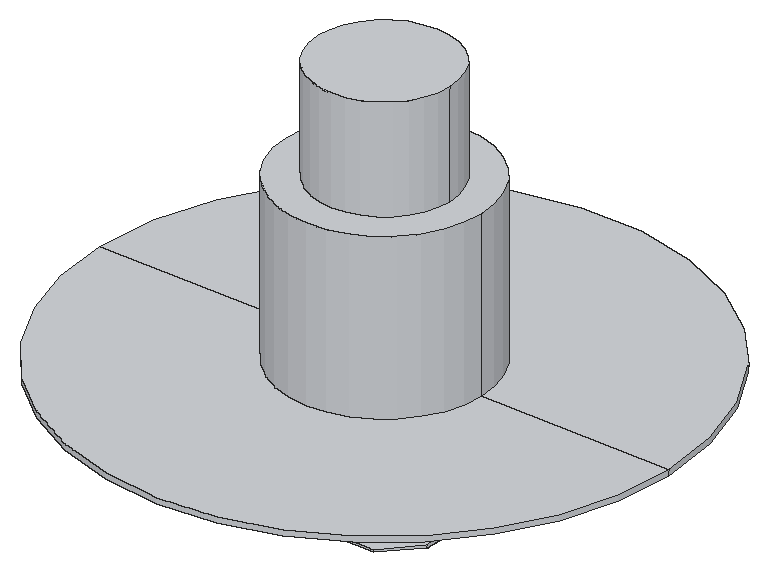
Revit family "XLPC", category Sprinklers, Revit 2016
Family settings
  Maintain Annotation Orientation = No
  Part Type = Normal
  Round Connector Dimension = Use Diameter
  OmniClass Number = 23.85.30.21
  OmniClass Title = Environmental Detection/Registration
  Work Plane-Based = No
  Always vertical = Yes
  Cut with Voids When Loaded = No
  Shared = No
  Room Calculation Point = No
Parameters (values of type "RASCO XL INST PENDENT")
  Temperature Rating = 165 °F
  Response = Quick
  RASCO SIN # = "R1314"
  RASCO Part # = "XLPC"
  Pressure Rating = "21.6"
  Pressure Class = Standard
  Orifice Size = 7/16"
  Orifice = Standard
  Model = "XL INST PENDENT"
  Manufacturer = "RASCO"
  K-Factor = 5.6
  Diameter = 5 5/128"
  Description = "CHROME FINISH"
  Coverage = Standard
Reference planes (in)
  plane 1 "Center (Front/Back)": y = 0
  plane 2: z = 0
  plane 3 "Center (Left/Right)": x = 0
Nested families (in)
  nested 1: "RASCO- XLPC" at (0, 1.12168, 0), type "RASCO XL INSTITUTIONAL"
Connectors (in)
  piping at (0, 1.12168, 2.509), diameter 0.8125
    settings: on nested 1, index 1, connector inside diameter 24", connector length 0' - 0", flow factor 0, pipe flow 0 GPM, pressure drop 0.00 psi, fitting loss kfactor 0, connector angle 0.00°, fixture units 0, engagement length 0' - 0", angle of deflection 0.00°, flow configuration 0, flow direction 0, fitting loss method 0, system type 7, joint type 0, gender type 0, connector reference index -1, connector utility 0, adjustable connector no, is connector primary yes, connector description ""
Definition of nested family "RASCO- XLPC"
  Parameters (values of type "RASCO XL INSTITUTIONAL")
    Type Comments = ""
    Temperature Rating = 0 °F
    Response = (empty or 0)
    Pressure Rating = "0"
    Pressure Class = (empty or 0)
    Orifice Size = 0"
    Orifice = (empty or 0)
    Model = ""
    Manufacturer = ""
    K-Factor = 0
    Coverage = (empty or 0)
    Assembly Code = ""
  Reference planes (in)
    plane 1 "Center (Front/Back)": y = 0
    plane 2: z = 0
    plane 3 "Center (Left/Right)": x = 0
    plane 4 "ref.2": z = 0.873
    plane 5 "ref.3": z = 1.878
    plane 6 "ref. 4": z = 0.294
    plane 7: z = 0.166
    plane 8: z = 0.363
    plane 9 "ref. 5": z = 0.06291
  Forms (in)
    Extrusion 1, solid
      sketch origin (0, 0, 0.873) x (-1, 0, 0) y (0, -1, 0)
        loop
          circle (0, 0) r 0.598
      from 0 to 1.005
    Extrusion 2, solid
      sketch origin (0, 0, 1.75079) x (-1, 0, 0) y (0, -1, 0)
        loop
          circle (0, 0) r 0.405
      from 0.12721 to 0.75821
    Revolve 3, solid
      sketch origin (0, 0, 0.363) x (1, 0, 0) y (0, 0, 1)
        loop
          line (0, 0.51) -> (-1.75, 0.51) -> (-1.75, 0.47626) -> (-0.628, 0) -> (0, 0) -> (0, 0.51)
        axis (0, 0.51) -> (0, 0)
      angle from 0 to 360
    Extrusion 4, solid
      sketch origin (0, 0, 0.294) x (0, -1, 0) y (1, 0, 0)
        loop
          circle (0, 0) r 0.614
      from 0.069 to 0
    Revolve 5, solid
      sketch origin (0, 0, 0) x (1, 0, 0) y (0, 0, 1)
        loop
          line (-0.5, 0.294) -> (-0.20877, 0.166) -> (0, 0.166) -> (0, 0.294) -> (-0.5, 0.294)
        axis (0, 0.294) -> (0, 0.166)
      angle from 0 to 360
    Extrusion 6, solid
      sketch origin (0, 0, 0) x (1, 0, 0) y (0, 0, 1)
        loop
          line (-0.34833, 0.24105) -> (-0.37436, 0.19597)
          arc (-0.37436, 0.19597) -> (-0.38219, 0.17257) -> (-0.38025, 0.14797) r 0.06189
          line (-0.38025, 0.14797) -> (-0.35586, 0.06291) -> (-0.39443, 0.0359) -> (-0.35853, 0) -> (-0.31379, 0.03133)
          arc (-0.31379, 0.03133) -> (-0.3038, 0.04447) -> (-0.30329, 0.06097) r 0.02708
          line (-0.30329, 0.06097) -> (-0.32899, 0.15061)
          arc (-0.32899, 0.15061) -> (-0.33022, 0.16619) -> (-0.32526, 0.18101) r 0.03919
          line (-0.32526, 0.18101) -> (-0.30503, 0.21605) -> (-0.34833, 0.24105)
        loop
          line (0.34833, 0.24105) -> (0.30503, 0.21605) -> (0.32526, 0.18101)
          arc (0.32526, 0.18101) -> (0.33022, 0.16619) -> (0.32899, 0.15061) r 0.03919
          line (0.32899, 0.15061) -> (0.30329, 0.06097)
          arc (0.30329, 0.06097) -> (0.3038, 0.04447) -> (0.31379, 0.03133) r 0.02708
          line (0.31379, 0.03133) -> (0.35853, 0) -> (0.39443, 0.0359) -> (0.35586, 0.06291) -> (0.38025, 0.14797)
          arc (0.38025, 0.14797) -> (0.38219, 0.17257) -> (0.37436, 0.19597) r 0.06189
          line (0.37436, 0.19597) -> (0.34833, 0.24105)
      from -0.11113 to 0.11041
    Extrusion 7, solid
      sketch origin (-0.0518, -0.12961, 0.06291) x (-1, 0, 0) y (0, -1, 0)
        loop
          line (0.19208, -0.51961) -> (0.3692, -0.32259) -> (0.3692, 0.06101) -> (0.18997, 0.26039) -> (-0.29859, 0.26039) -> (-0.4728, 0.06659) -> (-0.4728, -0.32111) -> (-0.29435, -0.51961) -> (0.19208, -0.51961)
      from 0 to 0.012
